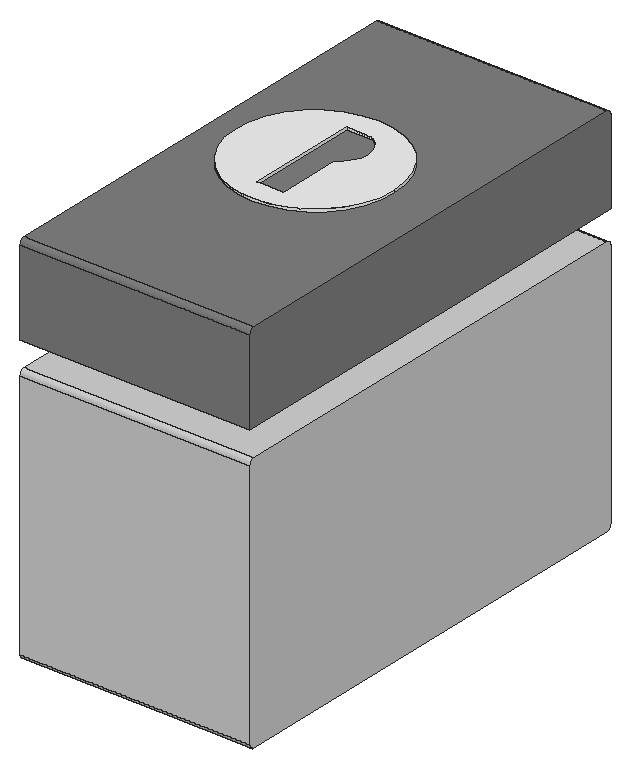
Revit family "Domotics-DomesticRanges-GEWISS-SYSTEM_COMMAND-PUSH-BUTTON_KEY", category Apparecchi elettrici, host Superficie, Revit 2016
Family settings
  Host = Superficie
  Mantenere orientamento annotazione = Sì
  Tipo di parte = Normale
  Quota connettore circolare = Usa diametro
  Numero OmniClass = 23.80.50.11.14
  Titolo OmniClass = Switches
  Taglio con vuoti quando caricato = Sì
  Condiviso = Sì
  Punto di calcolo locali = Sì
Parameters (values of type "GW21530 - Key-op.push-button-1P 10A NO black")
  Voltage: = "250 V ac"
  Voltage = "250 V ac"
  Volt = 230 V
  Vista di pianta [instance] = yes
  Version file RFA = "19.4"
  URL = "https://www.gewiss.com/ww/en"
  Type = "With key"
  Technical sheet = "https://www.gewiss.com/ww/en/search?q=GW21530"
  Symbol = "0/1"
  SIMBOLO [instance] = yes
  SEO = "Push button"
  Realized by GEWISS S.p.A. = ""
  Pulsante = GEWISS NERO
  Produttore = "GEWISS S.p.A."
  No. SYSTEM modules = "1"
  N. poli = 1
  Modello = "GW21530"
  Immagine tipo = gw21530.jpg
  Simboli = SIMBOLO PULSANTI : PULSCHIAVE
  Offset bidimensionale [instance] = 2 mm
  Offset pulsante [instance] = 0 mm
  IFC.TypeObject = ""
  IFC.ExportType = ""
  IFC.ExportAs = ""
  IDT = "abcc67d3-aecf-43f9-b9cf-0a590a21eb3b"
  IDF = "59407441-0af3-4d27-bd1c-ed09f17acc25"
  Electrocod = "0130"
  EAN code = "8011564184657"
  Distanza_x [instance] = 0 mm
  Distanza_effettiva_x [instance] = 1000 mm - Distanza_x  # 1000 mm
  Default Elevation = 1219.2 mm
  Descrizione = "KEY-OP.PUSH-BUTTON-1P 10A NA SY/BK"
  Description: = "2P NO - 10A"
  Description. = "Push-button"
  Colour = "Black"
  Catalogue Range = "SYSTEM - DOMESTIC RANGE"
  Catalogue = "DOMOTICS"
  Carico apparente = 0 VA
  COBie.Tagnumber = ""
  COBie.CreatedOn = ""
  COBie.CreatebBy = ""
  COBie.ComponentRegisterItemID = ""
  COBie.Component.TagNumber = ""
  COBie.Component.Space = ""
  COBie.Component.SerialNumber = ""
  COBie.Component.InstallationDate = ""
  COBie.Component.Description = ""
  COBie.Component.BarCode = ""
  Button key = "With key"
Types (2, lengths in mm): name | Technical sheet | Pulsante | Modello | Immagine tipo | IDT | EAN code | Descrizione | Colour
  GW20530 - Key-op.push-button-1P 10A NO white | "https://www.gewiss.com/ww/en/search?q=GW20530" | GEWISS BIANCO | "GW20530" | GW20530.jpg | "f0f29f1a-7e5c-4c9d-822d-43e23f632661" | "8011564184640" | "KEY-OP.PUSH-BUTTON-1P 10A NO SY/WT" | "White"
  GW21530 - Key-op.push-button-1P 10A NO black | "https://www.gewiss.com/ww/en/search?q=GW21530" | GEWISS NERO | "GW21530" | gw21530.jpg | "abcc67d3-aecf-43f9-b9cf-0a590a21eb3b" | "8011564184657" | "KEY-OP.PUSH-BUTTON-1P 10A NA SY/BK" | "Black"
Reference planes
  plane 1 "Centro (Fronte/Retro)": y = 0
  plane 2: z = 0
  plane 3 "Centro (Sinistra/Destra)": x = 0
  plane 4: z = 0
  plane 5: z = 0
  plane 6 "BIDIMENSIONALE": z = 41
  plane 7: x = -11.5
  plane 8: x = 11.5
  plane 9: z = 39
  plane 10: y = 22.5
  plane 11: y = -22.5
  plane 12: x = -1000
  plane 13: x = 0
Lines and regions (mm)
  Masking region 1, visible <- "Vista di pianta"
    outline origin (0, 0, 0) x (1, 0, 0) y (0, 0, 1)
      loop
        line (-11.5, 39) -> (-11.5, 0) -> (11.5, 0) -> (11.5, 39) -> (-11.5, 39)
  Masking region 2, visible <- "Vista di pianta"
    outline origin (0, 0, 15.382) x (0, -1, 0) y (1, 0, 0)
      loop
        line (-22.5, -11.5) -> (22.5, -11.5) -> (22.5, 11.5) -> (-22.5, 11.5) -> (-22.5, -11.5)
      loop
        circle (0, 0) r 9.447
      loop
        circle (0, 0) r 7.891
      loop
        line (5.649, 1.321) -> (-0.666, 1.321)
        arc (-0.666, 1.321) -> (-3.111, 2.778) -> (-5.555, 1.32) r 2.778
        line (-5.555, 1.32) -> (-5.555, -1.32) -> (-0.665, -1.32) -> (5.649, -1.32) -> (5.649, 1.321)
  Masking region 3, visible <- "Vista di pianta"
    outline origin (0, 0, 0) x (0, 1, 0) y (0, 0, 1)
      loop
        line (-22.5, 39) -> (-22.5, 0) -> (22.5, 0) -> (22.5, 39) -> (-22.5, 39)
  model lines, not visible, detail levels coarse
    curve 1: line (125.982, 72.539, 15.382) -> (148.982, 72.539, 15.382)
    curve 2: line (125.982, 27.539, 15.382) -> (125.982, 72.539, 15.382)
    curve 3: circle (137.561, 62.245, 15.382) r 2.942 normal (0, 0, 1)
    curve 4: circle (137.482, 50.039, 15.382) r 2.942 normal (0, 0, 1)
    curve 5: circle (137.561, 37.834, 15.382) r 2.942 normal (0, 0, 1)
    curve 6: line (148.982, 72.539, 15.382) -> (148.982, 27.539, 15.382)
    curve 7: line (148.982, 27.539, 15.382) -> (125.982, 27.539, 15.382)
  model lines, style "pulsanti", detail levels coarse
    curve 8: line (11.5, 22.5, 41) -> (11.5, -22.5, 41)
    curve 9: line (-11.5, 22.5, 41) -> (11.5, 22.5, 41)
    curve 10: line (-11.5, -22.5, 41) -> (-11.5, 22.5, 41)
    curve 11: line (11.5, -22.5, 41) -> (-11.5, -22.5, 41)
    curve 12: circle (0, 0, 41) r 9.447 normal (0, 0, 1)
    curve 13: circle (0, 0, 41) r 7.891 normal (0, 0, 1)
    curve 14: circle (0, 14.316, 41) r 2.574 normal (0, 0, -1)
    curve 15: line (9.731, 12.164, 41) -> (9.731, 7.164, 41)
    curve 16: arc (1.321, 0.666, 41) -> (2.778, 3.111, 41) -> (1.32, 5.555, 41) r 2.778
    curve 17: line (1.32, 5.555, 41) -> (-1.32, 5.555, 41)
    curve 18: line (-1.32, 5.555, 41) -> (-1.32, 0.665, 41)
    curve 19: line (-1.32, 0.665, 41) -> (-1.32, -5.649, 41)
    curve 20: line (-1.32, -5.649, 41) -> (1.321, -5.649, 41)
    curve 21: line (1.321, -5.649, 41) -> (1.321, 0.666, 41)
  model lines, style "pulsanti", not visible, detail levels coarse
    curve 22: line (11.5, 22.5, 41) -> (11.5, -22.5, 41)
    curve 23: line (-11.5, 22.5, 41) -> (11.5, 22.5, 41)
    curve 24: line (-11.5, -22.5, 41) -> (-11.5, 22.5, 41)
    curve 25: line (11.5, -22.5, 41) -> (-11.5, -22.5, 41)
    curve 26: circle (0, 0, 41) r 9.447 normal (0, 0, 1)
    curve 27: circle (0, 0, 41) r 7.891 normal (0, 0, 1)
    curve 28: circle (0, 14.316, 41) r 2.574 normal (0, 0, -1)
    curve 29: line (9.731, 12.164, 41) -> (9.731, 7.164, 41)
    curve 30: arc (1.321, 0.666, 41) -> (2.778, 3.111, 41) -> (1.32, 5.555, 41) r 2.778
    curve 31: line (1.32, 5.555, 41) -> (-1.32, 5.555, 41)
    curve 32: line (-1.32, 5.555, 41) -> (-1.32, 0.665, 41)
    curve 33: line (-1.32, 0.665, 41) -> (-1.32, -5.649, 41)
    curve 34: line (-1.32, -5.649, 41) -> (1.321, -5.649, 41)
    curve 35: line (1.321, -5.649, 41) -> (1.321, 0.666, 41)
Dimensions and locks
  "Offset pulsante": plane 5 to host face
  locked: plane 9 to plane 5 at 39
  locked: plane 10 to plane 11 at 45
  plane 12 to plane 3 "Centro (Sinistra/Destra)" = 1000 mm
  "Distanza_effettiva_x": plane 12 to plane 13
  "Offset bidimensionale": plane 6 "BIDIMENSIONALE" to plane 9
  aligned and locked: plane 2 to host face
  aligned and locked: level to host face
  aligned and locked: nested 1 to plane 5
  aligned and locked: Masking region 1 sketch curve to nested 1
  aligned and locked: plane 7 to Masking region 1 sketch curve
  aligned and locked: plane 5 to Masking region 1 sketch curve
  aligned and locked: nested 1 to Masking region 1 sketch curve
  aligned and locked: plane 13 to nested 2
  aligned and locked: Masking region 2 sketch curve to curve 9
  aligned and locked: Masking region 2 sketch curve to curve 8
  aligned and locked: Masking region 2 sketch curve to curve 11
  aligned and locked: Masking region 2 sketch curve to curve 10
  aligned and locked: Masking region 3 sketch curve to plane 9
  aligned and locked: plane 11 to Masking region 3 sketch curve
  aligned and locked: plane 5 to Masking region 3 sketch curve
  aligned and locked: nested 1 to Masking region 3 sketch curve
Automatic sketch dimensions
  host sketch curve to host sketch curve = 2438.4 mm  (x2)
  curve 12 to curve 13 = 0 mm  (x4)
  curve 12 to curve 16 = 0 mm
  curve 14 to curve 16 = 0 mm
  curve 14 to curve 16 = 11.206 mm
  curve 16 to curve 12 = 3.11 mm
  curve 16 to curve 16 = 1.32 mm
  curve 20 to curve 12 = 1.321 mm
  curve 15 to curve 14 = 9.731 mm
  curve 8 to curve 15 = 1.769 mm
  curve 17 to curve 17 = 2.639 mm
  curve 19 to curve 10 = 10.18 mm
  curve 8 to curve 14 = 8.184 mm
  curve 14 to curve 15 = 2.152 mm
  curve 15 to curve 15 = 5 mm
  curve 17 to curve 16 = 2.445 mm
  curve 19 to curve 12 = 0.665 mm
  curve 12 to curve 20 = 5.649 mm
  curve 20 to curve 8 = 16.851 mm
  curve 26 to curve 27 = 0 mm  (x4)
  curve 26 to curve 30 = 0 mm
  curve 28 to curve 30 = 0 mm
  curve 28 to curve 30 = 11.206 mm
  curve 30 to curve 26 = 3.11 mm
  curve 30 to curve 30 = 1.32 mm
  curve 34 to curve 26 = 1.321 mm
  curve 29 to curve 28 = 9.731 mm
  curve 22 to curve 29 = 1.769 mm
  curve 31 to curve 31 = 2.639 mm
  curve 33 to curve 24 = 10.18 mm
  curve 22 to curve 28 = 8.184 mm
  curve 28 to curve 29 = 2.152 mm
  curve 29 to curve 29 = 5 mm
  curve 31 to curve 30 = 2.445 mm
  curve 33 to curve 26 = 0.665 mm
  curve 26 to curve 34 = 5.649 mm
  curve 34 to curve 22 = 16.851 mm
  Masking region 2 sketch curve to Masking region 2 sketch curve = 0 mm  (x2)
  Masking region 2 sketch curve to plane 3 "Centro (Sinistra/Destra)" = 0 mm  (x2)
  plane 1 "Centro (Fronte/Retro)" to Masking region 2 sketch curve = 0 mm
  plane 3 "Centro (Sinistra/Destra)" to Masking region 2 sketch curve = 1.32 mm
  Masking region 2 sketch curve to plane 1 "Centro (Fronte/Retro)" = 5.555 mm
  Masking region 2 sketch curve to Masking region 2 sketch curve = 2.445 mm
  Masking region 2 sketch curve to plane 1 "Centro (Fronte/Retro)" = 0.666 mm
  Masking region 2 sketch curve to plane 1 "Centro (Fronte/Retro)" = 0.665 mm
  Masking region 2 sketch curve to plane 3 "Centro (Sinistra/Destra)" = 1.32 mm
  plane 1 "Centro (Fronte/Retro)" to Masking region 2 sketch curve = 5.649 mm
  radius of curve 12 = 9.447 mm
  radius of curve 13 = 7.891 mm
  radius of curve 14 = 2.574 mm
  radius of curve 26 = 9.447 mm
  radius of curve 27 = 7.891 mm
  radius of curve 28 = 2.574 mm
  radius of Masking region 2 sketch curve = 9.447 mm
  radius of Masking region 2 sketch curve = 7.891 mm
Nested families
  nested 1: "SYSTEM PULSANTI CHIAVE_BASE" at (0, 0, 0), Pulsante <- "Pulsante", type "GW20530 - PULSANTE CON CHIAVE 1P 10A NA SY/WT - 0/1", detail levels medium+fine
    with Pulsante GEWISS NERO
  nested 2: "SIMBOLO PULSANTI" at (0, 100, 0), type <- "Simboli", SIMBOLO <- "SIMBOLO", visible <- "SIMBOLO", type "PULSCHIAVE"
    with BORDO ACCESO yes
Connectors
  electrical at (0, 0, 0), driven by "N. poli", driven by "Volt", driven by "Carico apparente"
    settings: on nested 1, index 1, voltage 230 V, apparent load 0 VA, apparent load phase1 0 VA, apparent load phase2 0 VA, apparent load phase3 0 VA, power factor 1, load classification "Other", number of poles 1, system type 31, power factor state 1, is connector primary yes, connector utility no, sub classification motor no, connector description ""
Definition of nested family "SYSTEM PULSANTI CHIAVE_BASE"
  Parameters (values of type "GW20530 - PULSANTE CON CHIAVE 1P 10A NA SY/WT - 0/1")
    Struttura = none
    Pulsante [instance] = none
    Profondità totale = 39 mm
    Profondità supporto = 26 mm
    Larghezza pulsante = 23 mm
    Distanza simbolo = 254 mm
    Default Elevation = 1219.2 mm
    Chiave = none
    Bidimensionale = 43.8 mm
    Altezza simbolo = 306 mm
    Alltezza pulsante = 45 mm
  Reference planes
    plane 1 "Centro (Fronte/Retro)": y = 0
    plane 2: z = 0
    plane 3 "Centro (Sinistra/Destra)": x = 0
    plane 4: x = -10.5
    plane 5: x = 10.5
    plane 6: y = 22.5
    plane 7: y = -22.5
    plane 8: z = 26
    plane 9: x = -11.5
    plane 10: x = 11.5
    plane 11: z = 37.721
    plane 12 "PIANO BIDIMENSIONALE": z = 43.8
    plane 13: z = 39
  Forms (mm)
    Extrusion 1, solid, material <- "Struttura", detail levels medium+fine
      sketch origin (0, 0, 0) x (0, 1, 0) y (0, 0, 1)
        loop
          line (22.5, 0.5) -> (22.5, 25.5)
          arc (22.5, 25.5) -> (22.354, 25.854) -> (22, 26) r 0.5
          line (22, 26) -> (-22, 26)
          arc (-22, 26) -> (-22.354, 25.854) -> (-22.5, 25.5) r 0.5
          line (-22.5, 25.5) -> (-22.5, 0.5)
          arc (-22.5, 0.5) -> (-22.354, 0.146) -> (-22, 0) r 0.5
          line (-22, 0) -> (22, 0)
          arc (22, 0) -> (22.354, 0.146) -> (22.5, 0.5) r 0.5
      from -11.5 to 11.5
    Extrusion 2, solid, material <- "Pulsante", detail levels medium+fine
      sketch origin (0, 0, 0) x (0, 1, 0) y (0, 0, 1)
        loop
          arc (-22, 37.721) -> (-22.354, 37.575) -> (-22.5, 37.221) r 0.5
          line (-22.5, 37.221) -> (-22.5, 28.721) -> (3, 28.721) -> (22.5, 28.721) -> (22.5, 37.221)
          arc (22.5, 37.221) -> (22.354, 37.575) -> (22, 37.721) r 0.5
          arc (22, 37.721) -> (0, 38.721) -> (-22, 37.721) r 242.438
      from -11.5 to 11.5
    Extrusion 3, solid, material <- "Chiave", detail levels medium+fine
      sketch origin (0, 0, 0) x (1, 0, 0) y (0, 1, 0)
        loop
          circle (0, 0) r 7.891
      from 39 to 38.751
    Extrusion 4, void
      sketch origin (0, 0, 0) x (1, 0, 0) y (0, 1, 0)
        loop
          line (-1.32, 5.555) -> (-1.32, -5.649) -> (1.321, -5.649) -> (1.321, 0.666)
          arc (1.321, 0.666) -> (2.778, 3.111) -> (1.32, 5.555) r 2.778
          line (1.32, 5.555) -> (-1.32, 5.555)
      from 38.751 to 39
  Cuts and joins
    Extrusion 4 cuts Extrusion 3
  Lines and regions (mm)
    Masking region 1
      outline origin (0, 0, 43.8) x (1, 0, 0) y (0, 1, 0)
        loop
          line (-11.5, 22.5) -> (-11.5, -22.5) -> (11.5, -22.5) -> (11.5, 22.5) -> (-11.5, 22.5)
        loop
          circle (0, 0) r 9.447
        loop
          circle (0, 14.316) r 2.574
    Masking region 2
      outline origin (0, 0, 43.8) x (1, 0, 0) y (0, 1, 0)
        loop
          circle (0, 0) r 9.447
        loop
          circle (0, 0) r 7.891
    Masking region 3
      outline origin (0, 0, 43.8) x (1, 0, 0) y (0, 1, 0)
        loop
          circle (0, 0) r 7.891
        loop
          line (1.321, -5.649) -> (1.321, 0.666)
          arc (1.321, 0.666) -> (2.778, 3.111) -> (1.32, 5.555) r 2.778
          line (1.32, 5.555) -> (-1.32, 5.555) -> (-1.32, -5.649) -> (1.321, -5.649)
    Masking region 4
      outline origin (0, 0, 43.8) x (1, 0, 0) y (0, 1, 0)
        loop
          line (-1.32, 5.555) -> (-1.32, -5.649) -> (1.321, -5.649) -> (1.321, 0.666)
          arc (1.321, 0.666) -> (2.778, 3.111) -> (1.32, 5.555) r 2.778
          line (1.32, 5.555) -> (-1.32, 5.555)
    Masking region 5
      outline origin (0, 0, 43.8) x (1, 0, 0) y (0, 1, 0)
        loop
          circle (0, 14.316) r 2.574
    reference lines
      curve 1: line (0, 75.97, 28.721) -> (0, -79.03, 28.721)
  Dimensions and locks
    equal spacing: plane 7, plane 1 "Centro (Fronte/Retro)", plane 6
    "Alltezza pulsante": plane 7 to plane 6
    equal spacing: plane 4, plane 3 "Centro (Sinistra/Destra)", plane 5
    "Bidimensionale": level to plane 12 "PIANO BIDIMENSIONALE"
    "Profondità supporto": plane 8 to level
    "Profondità totale": plane 13 to plane 2
    "Larghezza pulsante": plane 9 to plane 10
    plane 9 to plane 4 = 1 mm
    plane 5 to plane 10 = 1 mm
    aligned and locked: level to plane 2
    aligned and locked: Extrusion 2 to plane 6
    aligned and locked: Extrusion 2 to plane 7
    aligned and locked: plane 9 to Extrusion 2
    aligned and locked: Extrusion 2 to plane 10
    aligned and locked: Extrusion 1 to Extrusion 2
    aligned and locked: Extrusion 2 to Extrusion 1
    aligned and locked: plane 13 to cut or joined group of Extrusion 3, Extrusion 4
    aligned and locked: Masking region 1 sketch curve to Extrusion 1  (x4)
  Automatic sketch dimensions
    curve 1 to plane 7 = 56.53 mm
    level to curve 1 = 28.721 mm
    curve 1 to plane 6 = 53.47 mm
    plane 8 to Extrusion 1 sketch curve = 0.5 mm
    level to Extrusion 1 sketch curve = 0.5 mm
    plane 6 to Extrusion 1 sketch curve = 0.5 mm
    Extrusion 1 sketch curve to Extrusion 1 sketch curve = 0.5 mm
    Extrusion 1 sketch curve to level = 0 mm
    Extrusion 1 sketch curve to plane 7 = 0 mm
    plane 8 to Extrusion 1 sketch curve = 0 mm
    Extrusion 1 sketch curve to plane 6 = 0 mm
    plane 1 "Centro (Fronte/Retro)" to Extrusion 3 sketch curve = 0 mm
    Extrusion 3 sketch curve to plane 3 "Centro (Sinistra/Destra)" = 0 mm
    Extrusion 4 sketch curve to plane 3 "Centro (Sinistra/Destra)" = 0 mm
    Extrusion 4 sketch curve to plane 3 "Centro (Sinistra/Destra)" = 1.32 mm
    plane 3 "Centro (Sinistra/Destra)" to Extrusion 4 sketch curve = 1.32 mm
    plane 3 "Centro (Sinistra/Destra)" to Extrusion 4 sketch curve = 1.321 mm
    plane 1 "Centro (Fronte/Retro)" to Extrusion 4 sketch curve = 5.649 mm
    Extrusion 4 sketch curve to plane 1 "Centro (Fronte/Retro)" = 0.666 mm
    Extrusion 4 sketch curve to Extrusion 4 sketch curve = 2.444 mm
    Masking region 1 sketch curve to Masking region 1 sketch curve = 0 mm  (x2)
    plane 1 "Centro (Fronte/Retro)" to Masking region 1 sketch curve = 0 mm
    Masking region 1 sketch curve to plane 3 "Centro (Sinistra/Destra)" = 0 mm
    Masking region 1 sketch curve to plane 4 = 1.053 mm
    plane 1 "Centro (Fronte/Retro)" to Masking region 2 sketch curve = 0 mm
    Masking region 2 sketch curve to plane 3 "Centro (Sinistra/Destra)" = 0 mm
    Masking region 2 sketch curve to plane 4 = 1.053 mm
    Masking region 2 sketch curve to Masking region 2 sketch curve = 0 mm  (x2)
    Masking region 2 sketch curve to Masking region 2 sketch curve = 1.556 mm
    plane 1 "Centro (Fronte/Retro)" to Masking region 3 sketch curve = 0 mm
    Masking region 3 sketch curve to plane 3 "Centro (Sinistra/Destra)" = 0 mm  (x2)
    Masking region 3 sketch curve to plane 4 = 2.609 mm
    Masking region 3 sketch curve to plane 3 "Centro (Sinistra/Destra)" = 1.32 mm
    plane 1 "Centro (Fronte/Retro)" to Masking region 3 sketch curve = 5.649 mm
    plane 3 "Centro (Sinistra/Destra)" to Masking region 3 sketch curve = 1.321 mm
    Masking region 3 sketch curve to plane 1 "Centro (Fronte/Retro)" = 0.666 mm
    Masking region 3 sketch curve to Masking region 3 sketch curve = 2.445 mm
    plane 3 "Centro (Sinistra/Destra)" to Masking region 3 sketch curve = 1.32 mm
    Masking region 4 sketch curve to plane 3 "Centro (Sinistra/Destra)" = 1.32 mm
    Masking region 4 sketch curve to plane 1 "Centro (Fronte/Retro)" = 5.555 mm
    plane 3 "Centro (Sinistra/Destra)" to Masking region 4 sketch curve = 1.32 mm
    plane 1 "Centro (Fronte/Retro)" to Masking region 4 sketch curve = 5.649 mm
    plane 3 "Centro (Sinistra/Destra)" to Masking region 4 sketch curve = 1.321 mm
    Masking region 4 sketch curve to plane 1 "Centro (Fronte/Retro)" = 0.666 mm
    Masking region 4 sketch curve to plane 3 "Centro (Sinistra/Destra)" = 0 mm
    Masking region 5 sketch curve to Masking region 5 sketch curve = 0 mm  (x2)
    Masking region 5 sketch curve to plane 3 "Centro (Sinistra/Destra)" = 0 mm
    plane 6 to Masking region 5 sketch curve = 8.184 mm
    Masking region 5 sketch curve to plane 3 "Centro (Sinistra/Destra)" = 2.574 mm
    Extrusion 2 sketch curve to plane 7 = 0 mm
    Extrusion 2 sketch curve to plane 11 = 0 mm  (x2)
    Extrusion 2 sketch curve to plane 1 "Centro (Fronte/Retro)" = 0 mm
    Extrusion 2 sketch curve to plane 6 = 0 mm
    plane 7 to Extrusion 2 sketch curve = 0.5 mm
    Extrusion 2 sketch curve to plane 8 = 2.721 mm
    Extrusion 2 sketch curve to level = 203.717 mm
    Extrusion 2 sketch curve to plane 1 "Centro (Fronte/Retro)" = 3 mm
    radius of Extrusion 3 sketch curve = 7.891 mm
Definition of nested family "SIMBOLO PULSANTI"
  Parameters (values of type "PULSANTE")
    TESTO ELETTRICO [instance] = ""
    Simbolo = SIMBOLO PULSANTI_BASE : PULSANTE
    SIMBOLO [instance] = yes
    Distanza dal muro [instance] = 4.208 mm
    BORDO ACCESO [instance] = yes
  Types (8, lengths in mm): name | TESTO ELETTRICO | Simbolo
    PULSANTE | "" | SIMBOLO PULSANTI_BASE : PULSANTE
    PULSTIRANTE | "" | SIMBOLO PULSANTI_BASE : PULSTIRANTE
    PULSCHIAVE | "" | SIMBOLO PULSANTI_BASE : PULSCHIAVE
    TARGA | "" | SIMBOLO PULSANTI_BASE : TARGA
    RRNC | "A" | SIMBOLO PULSANTI_BASE : RRNC
    MARNO | "M" | SIMBOLO PULSANTI_BASE : MARNO
    LUM | "" | SIMBOLO PULSANTI_BASE : LUM
    DOPPIO | "" | SIMBOLO PULSANTI_BASE : DOPPIO
  Reference planes
    plane 1: y = 0
    plane 2: x = 0
  Lines and regions (mm)
    detail lines, visible <- "BORDO ACCESO", not visible
      curve 1: line (-2.25, 0.412, 0) -> (2.25, 0.412, 0)
      curve 2: line (2.25, 0.412, 0) -> (2.25, -5.588, 0)
      curve 3: line (2.25, -5.588, 0) -> (-2.25, -5.588, 0)
      curve 4: line (-2.25, -5.588, 0) -> (-2.25, 0.412, 0)
      curve 30: line (-1.85, 0.012, 0) -> (1.85, 0.012, 0)
      curve 31: line (1.85, 0.012, 0) -> (1.85, -5.188, 0)
      curve 32: line (1.85, -5.188, 0) -> (-1.85, -5.188, 0)
      curve 33: line (-1.85, -5.188, 0) -> (-1.85, 0.012, 0)
      curve 34: line (-2.25, 6, 0) -> (2.25, 6, 0)
      curve 35: line (2.25, 6, 0) -> (2.25, 0, 0)
      curve 36: line (2.25, 0, 0) -> (-2.25, 0, 0)
      curve 37: line (-2.25, 0, 0) -> (-2.25, 6, 0)
      curve 61: line (-1.85, 5.6, 0) -> (1.85, 5.6, 0)
      curve 62: line (1.85, 5.6, 0) -> (1.85, 0.4, 0)
      curve 63: line (1.85, 0.4, 0) -> (-1.85, 0.4, 0)
      curve 64: line (-1.85, 0.4, 0) -> (-1.85, 5.6, 0)
      curve 65: line (-2.443, 10.208, 0) -> (2.057, 10.208, 0)
      curve 66: line (2.057, 10.208, 0) -> (2.057, 4.208, 0)
      curve 67: line (2.057, 4.208, 0) -> (-2.443, 4.208, 0)
      curve 68: line (-2.443, 4.208, 0) -> (-2.443, 10.208, 0)
      curve 69: line (-2.043, 9.808, 0) -> (1.657, 9.808, 0)
      curve 70: line (1.657, 9.808, 0) -> (1.657, 4.608, 0)
      curve 71: line (1.657, 4.608, 0) -> (-2.043, 4.608, 0)
      curve 72: line (-2.043, 4.608, 0) -> (-2.043, 9.808, 0)
    detail lines, not visible
      curve 5: line (-9.473, -5.588, 0) -> (10.527, -5.588, 0)
      curve 6: circle (-0.56, -0.487, 0) r 0.969 normal (0, 0, 1)
      curve 7: line (-0.005, 0.306, 0) -> (0.852, 1.529, 0)
      curve 8: line (0.852, 1.529, 0) -> (1.529, 1.047, 0)
      curve 9: circle (-0.56, -315.487, 0) r 0.969 normal (0, 0, 1)
      curve 10: line (-0.005, -314.694, 0) -> (0.852, -313.471, 0)
      curve 11: line (0.852, -313.471, 0) -> (1.529, -313.953, 0)
      curve 12: line (-1.245, -314.803, 0) -> (0.124, -316.172, 0)
      curve 13: line (0.124, -314.803, 0) -> (-1.245, -316.172, 0)
      curve 14: circle (-0.56, -480.487, 0) r 0.969 normal (0, 0, 1)
      curve 15: line (-0.005, -479.694, 0) -> (0.852, -478.471, 0)
      curve 16: line (0.852, -478.471, 0) -> (1.529, -478.953, 0)
      curve 17: line (0.493, -478.983, 0) -> (1.167, -479.462, 0)
      curve 18: circle (-0.56, -880.487, 0) r 0.969 normal (0, 0, 1)
      curve 19: line (-0.005, -879.694, 0) -> (0.852, -878.471, 0)
      curve 20: line (0.852, -878.471, 0) -> (1.529, -878.953, 0)
      curve 21: line (-1.245, -879.803, 0) -> (0.124, -881.172, 0)
      curve 22: line (0.124, -879.803, 0) -> (-1.245, -881.172, 0)
      curve 23: line (0.493, -878.983, 0) -> (1.167, -879.462, 0)
      curve 24: circle (-0.56, -365.487, 0) r 0.969 normal (0, 0, 1)
      curve 25: line (-0.005, -364.694, 0) -> (0.852, -363.471, 0)
      curve 26: line (0.852, -363.471, 0) -> (1.529, -363.953, 0)
      curve 27: line (-0.56, -364.925, 0) -> (-0.56, -366.05, 0)
      curve 28: line (0.493, -363.983, 0) -> (1.167, -364.462, 0)
      curve 29: line (0, 3.621, 0) -> (0, -16.379, 0)
      curve 38: circle (-0.56, 2.417, 0) r 0.969 normal (0, 0, 1)
      curve 39: line (-0.005, 3.21, 0) -> (0.852, 4.433, 0)
      curve 40: line (0.852, 4.433, 0) -> (1.529, 3.951, 0)
      curve 41: circle (-0.56, 2.417, 0) r 0.969 normal (0, 0, 1)
      curve 42: line (-0.005, 3.21, 0) -> (0.852, 4.433, 0)
      curve 43: line (0.852, 4.433, 0) -> (1.529, 3.951, 0)
      curve 44: line (-1.245, 3.102, 0) -> (0.124, 1.732, 0)
      curve 45: line (0.124, 3.102, 0) -> (-1.245, 1.732, 0)
      curve 46: circle (-0.56, 2.417, 0) r 0.969 normal (0, 0, 1)
      curve 47: line (-0.005, 3.21, 0) -> (0.852, 4.433, 0)
      curve 48: line (0.852, 4.433, 0) -> (1.529, 3.951, 0)
      curve 49: circle (-0.56, 2.417, 0) r 0.969 normal (0, 0, 1)
      curve 50: line (-0.005, 3.21, 0) -> (0.852, 4.433, 0)
      curve 51: line (0.852, 4.433, 0) -> (1.529, 3.951, 0)
      curve 52: line (-1.245, 3.102, 0) -> (0.124, 1.732, 0)
      curve 53: line (0.124, 3.102, 0) -> (-1.245, 1.732, 0)
      curve 54: line (0.493, 3.921, 0) -> (1.167, 3.442, 0)
      curve 55: line (0.493, 3.921, 0) -> (1.167, 3.442, 0)
      curve 56: circle (-0.56, 2.417, 0) r 0.969 normal (0, 0, 1)
      curve 57: line (-0.005, 3.21, 0) -> (0.852, 4.433, 0)
      curve 58: line (0.852, 4.433, 0) -> (1.529, 3.951, 0)
      curve 59: line (-0.56, 2.979, 0) -> (-0.56, 1.854, 0)
      curve 60: line (0.493, 3.921, 0) -> (1.167, 3.442, 0)
      curve 73: line (-1.644, 2.848, 0) -> (1.644, 2.848, 0)
      curve 74: line (-1.644, 0.61, 0) -> (-1.644, 2.848, 0)
      curve 75: line (1.644, 0.61, 0) -> (-1.644, 0.61, 0)
      curve 76: line (1.644, 2.848, 0) -> (1.644, 0.61, 0)
      curve 77: line (-1.325, 0.987, 0) -> (1.325, 0.987, 0)
      curve 78: circle (0, 1.912, 0) r 0.5 normal (0, 0, 1)
      curve 79: circle (0, 1.912, 0) r 0.8 normal (0, 0, 1)
      curve 80: line (-1.325, 0.987, 0) -> (1.325, 0.987, 0)
      curve 81: line (-0.354, 2.265, 0) -> (0.354, 1.558, 0)
      curve 82: line (0.354, 2.265, 0) -> (-0.354, 1.558, 0)
  Dimensions and locks
    aligned and locked: curve 5 to curve 3
    aligned and locked: plane 2 to nested 1
    aligned and locked: plane 1 to nested 1
  Nested families
    nested 1: "SIMBOLO PULSANTI_BASE" at (0, 0, 0), BORDO ACCESO <- "BORDO ACCESO", type <- "Simbolo", TESTO ELETTRICO <- "TESTO ELETTRICO", visible <- "SIMBOLO", type "PULSANTE"
      with TESTO ELETTRICO "", BORDO ACCESO yes
  Definition of nested family "SIMBOLO PULSANTI_BASE"
    Parameters (values of type "RRNC")
      TEXT = yes
      TESTO ELETTRICO [instance] = ""
      TARGA = no
      PULSANTECHIAVE = no
      PULSTIRANTE = no
      PULSANTE = yes
      LUM = no
      DOPPIO = no
      BORDO ACCESO [instance] = yes
    Types (8, lengths in mm): name | TEXT | TARGA | PULSANTECHIAVE | PULSTIRANTE | PULSANTE | LUM | DOPPIO
      PULSANTE | no | no | no | no | yes | no | no
      PULSTIRANTE | no | no | no | yes | yes | no | no
      PULSCHIAVE | no | no | yes | no | yes | no | no
      TARGA | no | yes | no | no | no | no | no
      RRNC | yes | no | no | no | yes | no | no
      MARNO | yes | no | no | no | yes | no | no
      LUM | no | no | no | no | no | yes | no
      DOPPIO | no | no | no | no | no | no | yes
    Reference planes
      plane 1: y = 0
      plane 2: x = 0
    Lines and regions (mm)
      detail lines, visible <- "PULSANTE"
        curve 1: circle (0, 1.258, 0) r 0.527 normal (0, 0, 1)
        curve 11: circle (0, 1.258, 0) r 0.394 normal (0, 0, 1)
      detail lines, visible <- "BORDO ACCESO", not visible
        curve 2: line (-1.943, 9.208, 0) -> (1.857, 9.208, 0)
        curve 3: line (1.857, 9.208, 0) -> (1.857, 4.208, 0)
        curve 4: line (1.857, 4.208, 0) -> (-1.943, 4.208, 0)
        curve 5: line (-1.943, 4.208, 0) -> (-1.943, 9.208, 0)
        curve 6: line (-1.743, 9.008, 0) -> (1.657, 9.008, 0)
        curve 7: line (1.657, 9.008, 0) -> (1.657, 4.408, 0)
        curve 8: line (1.657, 4.408, 0) -> (-1.743, 4.408, 0)
        curve 9: line (-1.743, 4.408, 0) -> (-1.743, 9.008, 0)
      detail lines, visible <- "PULSANTECHIAVE"
        curve 10: line (0, 1.559, 0) -> (0, 0.929, 0)
      detail lines, visible <- "PULSTIRANTE"
        curve 12: line (0, 0.732, 0) -> (0, 0.441, 0)
        curve 13: line (-0.162, 0.441, 0) -> (0.162, 0.441, 0)
        curve 14: line (-0.162, 0.441, 0) -> (0, 0.16, 0)
        curve 15: line (0, 0.16, 0) -> (0.162, 0.441, 0)
      detail lines, visible <- "TARGA"
        curve 16: line (-0.866, 1.843, 0) -> (0.866, 1.843, 0)
        curve 17: line (-0.866, 0.665, 0) -> (-0.866, 1.843, 0)
        curve 18: line (0.866, 0.665, 0) -> (-0.866, 0.665, 0)
        curve 19: line (0.866, 1.843, 0) -> (0.866, 0.665, 0)
        curve 20: line (-0.698, 0.863, 0) -> (0.698, 0.863, 0)
        curve 21: circle (0, 1.35, 0) r 0.263 normal (0, 0, 1)
        curve 22: circle (0, 1.35, 0) r 0.421 normal (0, 0, 1)
        curve 23: line (-0.698, 0.863, 0) -> (0.698, 0.863, 0)
        curve 24: line (-0.186, 1.536, 0) -> (0.186, 1.164, 0)
        curve 25: line (0.186, 1.536, 0) -> (-0.186, 1.164, 0)
      detail lines, visible <- "TARGA", not visible
        curve 26: line (-1.644, 2.848, 0) -> (1.644, 2.848, 0)
        curve 27: line (-1.644, 0.61, 0) -> (-1.644, 2.848, 0)
        curve 28: line (1.644, 0.61, 0) -> (-1.644, 0.61, 0)
        curve 29: line (1.644, 2.848, 0) -> (1.644, 0.61, 0)
        curve 30: line (-1.325, 0.987, 0) -> (1.325, 0.987, 0)
        curve 31: circle (0, 1.912, 0) r 0.5 normal (0, 0, 1)
        curve 32: circle (0, 1.912, 0) r 0.8 normal (0, 0, 1)
        curve 33: line (-1.325, 0.987, 0) -> (1.325, 0.987, 0)
        curve 34: line (-0.354, 2.265, 0) -> (0.354, 1.558, 0)
        curve 35: line (0.354, 2.265, 0) -> (-0.354, 1.558, 0)
        curve 59: line (-0.866, 3.093, 0) -> (0.866, 3.093, 0)
        curve 60: line (-0.866, 1.915, 0) -> (-0.866, 3.093, 0)
        curve 61: line (0.866, 1.915, 0) -> (-0.866, 1.915, 0)
        curve 62: line (0.866, 3.093, 0) -> (0.866, 1.915, 0)
        curve 63: line (-0.698, 2.113, 0) -> (0.698, 2.113, 0)
        curve 64: circle (0, 2.6, 0) r 0.263 normal (0, 0, 1)
        curve 65: circle (0, 2.6, 0) r 0.421 normal (0, 0, 1)
        curve 66: line (-0.698, 2.113, 0) -> (0.698, 2.113, 0)
        curve 67: line (-0.186, 2.786, 0) -> (0.186, 2.414, 0)
        curve 68: line (0.186, 2.786, 0) -> (-0.186, 2.414, 0)
      detail lines, visible <- "LUM"
        curve 36: circle (0, 1.258, 0) r 0.527 normal (0, 0, 1)
        curve 37: circle (0, 1.258, 0) r 0.394 normal (0, 0, 1)
        curve 38: line (0.279, 0.979, 0) -> (-0.279, 1.537, 0)
        curve 39: line (-0.279, 0.979, 0) -> (0.279, 1.537, 0)
      detail lines, visible <- "LUM", not visible
        curve 40: circle (0, -4.588, 0) r 1 normal (0, 0, 1)
        curve 41: circle (0, -4.588, 0) r 0.749 normal (0, 0, 1)
        curve 42: line (0.53, -5.117, 0) -> (-0.53, -4.058, 0)
        curve 43: line (-0.53, -5.117, 0) -> (0.53, -4.058, 0)
        curve 69: circle (0, 2.508, 0) r 0.527 normal (0, 0, 1)
        curve 70: circle (0, 2.508, 0) r 0.394 normal (0, 0, 1)
        curve 71: line (0.279, 2.229, 0) -> (-0.279, 2.787, 0)
        curve 72: line (-0.279, 2.229, 0) -> (0.279, 2.787, 0)
      detail lines, visible <- "DOPPIO"
        curve 44: circle (0, 1.785, 0) r 0.527 normal (0, 0, 1)
        curve 45: circle (0, 1.785, 0) r 0.394 normal (0, 0, 1)
        curve 46: circle (0, 0.732, 0) r 0.527 normal (0, 0, 1)
        curve 47: circle (0, 0.732, 0) r 0.394 normal (0, 0, 1)
      detail lines, visible <- "DOPPIO", not visible
        curve 48: circle (0, -6.992, 0) r 1 normal (0, 0, 1)
        curve 49: circle (0, -6.992, 0) r 0.749 normal (0, 0, 1)
        curve 50: circle (0, -8.992, 0) r 1 normal (0, 0, 1)
        curve 51: circle (0, -8.992, 0) r 0.749 normal (0, 0, 1)
        curve 73: circle (0, 3.035, 0) r 0.527 normal (0, 0, 1)
        curve 74: circle (0, 3.035, 0) r 0.394 normal (0, 0, 1)
        curve 75: circle (0, 1.982, 0) r 0.527 normal (0, 0, 1)
        curve 76: circle (0, 1.982, 0) r 0.394 normal (0, 0, 1)
      detail lines, visible <- "PULSANTE", not visible
        curve 52: circle (0, 2.508, 0) r 0.527 normal (0, 0, 1)
        curve 54: circle (0, 2.508, 0) r 0.394 normal (0, 0, 1)
      detail lines, visible <- "PULSANTECHIAVE", not visible
        curve 53: line (0, 2.809, 0) -> (0, 2.179, 0)
      detail lines, visible <- "PULSTIRANTE", not visible
        curve 55: line (0, 1.982, 0) -> (0, 1.691, 0)
        curve 56: line (-0.162, 1.691, 0) -> (0.162, 1.691, 0)
        curve 57: line (-0.162, 1.691, 0) -> (0, 1.41, 0)
        curve 58: line (0, 1.41, 0) -> (0.162, 1.691, 0)
    Text (mm)
      label "TXT" at (0.016, 1.223, 0), shows "TESTO ELETTRICO", visible <- "TEXT"
      label "TXT" at (0.016, 2.473, 0), shows "TESTO ELETTRICO", visible <- "TEXT", not visible
